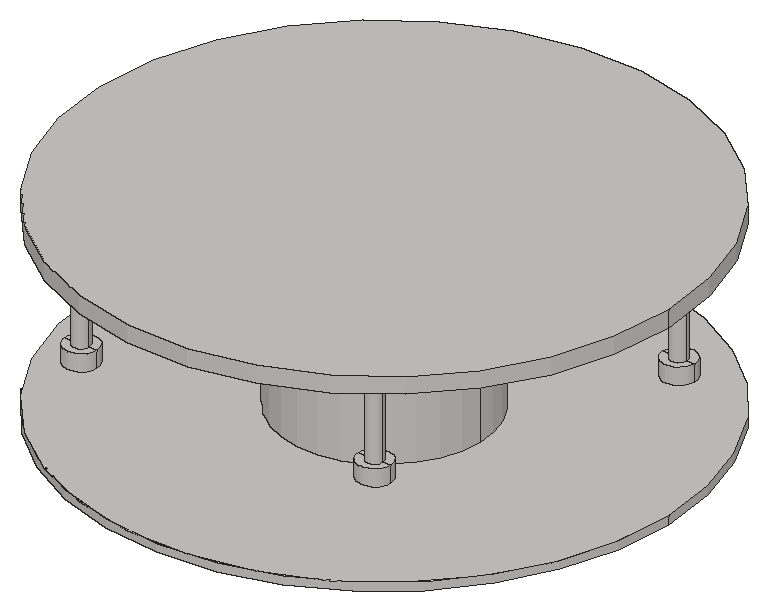
Revit family
Parameters (values of type "Bollard Base")
  Width = 1' - 5 3/4"  # constant formula
  URL = "http://www.pna-inc.com"
  Type Comments = ""
  Stud Length [instance] = if(Slab Depth < 0' 6", 0' 2", if(Slab Depth > 0' 8", 0' 4", 0' 3"))  # 0' - 3"
  Slab Depth [instance] = 0' - 6"
  Product Page URL = "http://www.pna-inc.com/products/bollard_base/"
  Product Documentation Link = "http://www.pna-inc.com/products/bollard_base/PNA%20Bollard%20Base.pdf"
  Model = "Bollard Base"
  Material = Metal - PNA - Steel
  Manufacturer = "PNA Construction Technologies Inc. "
  Length = Width  # 1' - 5 3/4"
  Description = "Bollard Base\r\nOver the past seventeen years PNA employees have seen many attempts by Engineers, Owners and Contractors to develop joint details that will stand up to the constant abuse of fork truck traffic. These details have worked with varying success but almost all have been both difficult and expensive to install. A number of the most qualified flooring contractors have developed their own systems for installing steel bars or plates into joints but they too, are expensive, requiring trained site operatives with welding and grinding equipment. Click here to view the article, “Innovations for Durable Floors,” which highlights some of the Armor-Edge® advantages from the concrete flooring contractor’s site operative’s perspective.\r\n"
  Assembly Code = "B1010300"
Reference planes (in)
  plane 1 "Center (Front/Back)": y = 0
  plane 2 "Foundation Top Face": z = 0
  plane 3 "Center (Left/Right)": x = 0
  plane 4: z = -0.5
  plane 5: z = -6
  plane 6: z = -5.75
  plane 7: y = 8.875
  plane 8: y = -8.875
  plane 9: x = -8.875
  plane 10: x = 8.875
  plane 11: x = 3
  plane 12: x = -3
  plane 13: y = 3
  plane 14: y = -3
  plane 15: y = 7.625
  plane 16: y = 2.47269
  plane 17: y = -6.09679
  plane 18: x = -7.21293
  plane 19: x = 7.21293
  plane 20: x = 4.57927
  plane 21: x = -4.57927
Forms (in)
  Extrusion 1, solid, material "Metal - PNA - Steel" <- "Material", detail levels medium+fine
    sketch origin (0, 0, 0) x (1, 0, 0) y (0, 1, 0)
      loop
        circle (0, 0) r 8.875
    from -0.5 to 0
  Extrusion 2, solid, material "Metal - PNA - Steel" <- "Material", detail levels medium+fine
    sketch origin (0, 0, 0) x (1, 0, 0) y (0, 1, 0)
      loop
        circle (0, 0) r 8.875
    from -6 to -5.75
  Extrusion 3, solid, material "Metal - PNA - Steel" <- "Material", detail levels medium+fine
    sketch origin (0, 0, 0) x (1, 0, 0) y (0, 1, 0)
      loop
        circle (0, 0) r 3
    from -5.75 to -0.5
  Extrusion 4, solid, detail levels coarse
    sketch origin (0, 0, 0) x (1, 0, 0) y (0, 1, 0)
      loop
        circle (0, 0) r 8.875
    from -6 to 0
Cuts and joins
  joined: Extrusion 1, Extrusion 2, Extrusion 3
Lines and regions (in)
  Masking region 1, detail levels medium+fine
    outline origin (0, 0, 0) x (1, 0, 0) y (0, 0, 1)
      loop
        line (-8.875, 0) -> (-8.875, -0.5) -> (-3, -0.5) -> (-3, -5.75) -> (-8.875, -5.75) -> (-8.875, -6) -> (8.875, -6) -> (8.875, -5.75) -> (3, -5.75) -> (3, -0.5) -> (8.875, -0.5) -> (8.875, 0) -> (-8.875, 0)
  Masking region 2, detail levels medium+fine
    outline origin (0, 0, 0) x (0, 1, 0) y (0, 0, 1)
      loop
        line (8.875, 0) -> (-8.875, 0) -> (-8.875, -0.5) -> (-3, -0.5) -> (-3, -5.75) -> (-8.875, -5.75) -> (-8.875, -6) -> (8.875, -6) -> (8.875, -5.75) -> (3, -5.75) -> (3, -0.5) -> (8.875, -0.5) -> (8.875, 0)
  Masking region 3
    outline origin (0, 0, 0) x (1, 0, 0) y (0, 1, 0)
      loop
        circle (0, 0) r 8.875
  Masking region 4, detail levels coarse
    outline origin (0, 0, 0) x (1, 0, 0) y (0, 0, 1)
      loop
        line (-8.875, 0) -> (-8.875, -6) -> (8.875, -6) -> (8.875, 0) -> (-8.875, 0)
  Masking region 5, detail levels coarse
    outline origin (0, 0, 0) x (0, 1, 0) y (0, 0, 1)
      loop
        line (8.875, 0) -> (-8.875, 0) -> (-8.875, -6) -> (8.875, -6) -> (8.875, 0)
  symbolic lines, detail levels fine
    curve 1: line (-3, 0, -0.5) -> (3, 0, -0.5)
    curve 2: line (-3, 0, -5.75) -> (3, 0, -5.75)
  symbolic lines, detail levels medium+fine
    curve 3: line (0, 3, -0.5) -> (0, -3, -0.5)
    curve 4: line (0, 3, -5.75) -> (0, -3, -5.75)
Dimensions and locks (in)
  "Slab Depth": plane 5 to level
  locked: plane 2 "Foundation Top Face" to plane 4 at 0.5
  locked: plane 6 to plane 5 at 0.25
  equal spacing: plane 9, plane 3 "Center (Left/Right)", plane 10
  equal spacing: plane 8, plane 1 "Center (Front/Back)", plane 7
  "Width": plane 7 to plane 8
  "Width": plane 9 to plane 10
  equal spacing: plane 12, plane 3 "Center (Left/Right)", plane 11
  locked: plane 12 to plane 11 at 6
  equal spacing: plane 14, plane 1 "Center (Front/Back)", plane 13
  locked: plane 13 to plane 14 at 6
  plane 17 to plane 1 "Center (Front/Back)" to plane 16 to plane 15 = 0' - 6.09679" locked, 0' - 2.47269" locked, 0' - 5.15231" locked
  plane 18 to plane 21 to plane 3 "Center (Left/Right)" to plane 20 to plane 19 = 0' - 2.63366" locked, 0' - 4.57927" locked, 0' - 4.57927" locked, 0' - 2.63366" locked
  aligned and locked: Extrusion 1 to plane 4
  aligned and locked: plane 2 "Foundation Top Face" to Extrusion 1
  aligned and locked: Extrusion 2 to plane 5
  aligned and locked: plane 6 to Extrusion 2
  aligned and locked: plane 10 to Extrusion 1 sketch curve
  aligned and locked: plane 1 "Center (Front/Back)" to Extrusion 1 sketch curve
  aligned and locked: plane 10 to Extrusion 2 sketch curve
  aligned and locked: plane 1 "Center (Front/Back)" to Extrusion 2 sketch curve
  aligned and locked: plane 11 to Extrusion 3 sketch curve
  aligned and locked: plane 1 "Center (Front/Back)" to Extrusion 3 sketch curve
  aligned and locked: plane 4 to Extrusion 3
  aligned and locked: Extrusion 3 to plane 6
  aligned and locked: plane 4 to nested 1
  aligned and locked: plane 3 "Center (Left/Right)" to nested 1
  aligned and locked: plane 15 to nested 1
  aligned and locked: nested 4 to plane 21
  aligned and locked: plane 17 to nested 4
  aligned and locked: plane 17 to nested 5
  aligned and locked: nested 5 to plane 20
  aligned and locked: nested 2 to plane 19
  aligned and locked: plane 16 to nested 2
  aligned and locked: plane 16 to nested 3
  aligned and locked: nested 3 to plane 18
  aligned and locked: plane 4 to nested 3
  aligned and locked: plane 4 to nested 4
  aligned and locked: plane 4 to nested 5
  aligned and locked: plane 4 to nested 2
  aligned and locked: Masking region 1 sketch curve to plane 2 "Foundation Top Face"
  aligned and locked: Masking region 1 sketch curve to plane 9  (x2)
  aligned and locked: Masking region 1 sketch curve to plane 4  (x2)
  aligned and locked: Masking region 1 sketch curve to plane 12
  aligned and locked: Masking region 1 sketch curve to plane 6  (x2)
  aligned and locked: Masking region 1 sketch curve to plane 5
  aligned and locked: plane 10 to Masking region 1 sketch curve  (x2)
  aligned and locked: plane 11 to Masking region 1 sketch curve
  aligned and locked: plane 12 to curve 1
  aligned and locked: plane 12 to curve 2
  aligned and locked: plane 11 to curve 1
  aligned and locked: plane 11 to curve 2
  aligned and locked: curve 1 to plane 4
  aligned and locked: curve 2 to plane 6
  aligned and locked: plane 7 to Masking region 2 sketch curve  (x2)
  aligned and locked: plane 2 "Foundation Top Face" to Masking region 2 sketch curve
  aligned and locked: plane 4 to Masking region 2 sketch curve  (x2)
  aligned and locked: plane 5 to Masking region 2 sketch curve
  aligned and locked: Masking region 2 sketch curve to plane 13
  aligned and locked: plane 14 to Masking region 2 sketch curve
  aligned and locked: Masking region 2 sketch curve to plane 8  (x2)
  aligned and locked: plane 6 to Masking region 2 sketch curve  (x2)
  aligned and locked: curve 3 to plane 4
  aligned and locked: curve 4 to plane 6
  aligned and locked: plane 13 to curve 4
  aligned and locked: plane 14 to curve 4
  aligned and locked: plane 14 to curve 3
  aligned and locked: plane 13 to curve 3
  aligned and locked: Masking region 3 sketch curve to cut or joined group of Extrusion 1, Extrusion 2, Extrusion 3  (x2)
  aligned and locked: plane 10 to Extrusion 4 sketch curve
  aligned and locked: plane 1 "Center (Front/Back)" to Extrusion 4 sketch curve
  aligned and locked: Extrusion 4 to plane 5
  aligned and locked: plane 2 "Foundation Top Face" to Extrusion 4
  aligned and locked: Masking region 4 sketch curve to plane 9
  aligned and locked: Masking region 4 sketch curve to plane 2 "Foundation Top Face"
  aligned and locked: plane 10 to Masking region 4 sketch curve
  aligned and locked: Masking region 4 sketch curve to plane 5
  aligned and locked: plane 7 to Masking region 5 sketch curve
  aligned and locked: plane 2 "Foundation Top Face" to Masking region 5 sketch curve
  aligned and locked: plane 5 to Masking region 5 sketch curve
  aligned and locked: Masking region 5 sketch curve to plane 8
Automatic sketch dimensions
  Extrusion 1 sketch curve to Extrusion 1 sketch curve = 0' - 0"
  Extrusion 1 sketch curve to plane 9 = 0' - 0"
  Extrusion 2 sketch curve to Extrusion 2 sketch curve = 0' - 0"
  Extrusion 2 sketch curve to plane 9 = 0' - 0"
  Extrusion 3 sketch curve to Extrusion 3 sketch curve = 0' - 0"
  Extrusion 3 sketch curve to plane 12 = 0' - 0"
  Extrusion 4 sketch curve to Extrusion 4 sketch curve = 0' - 0"
  Extrusion 4 sketch curve to plane 9 = 0' - 0"
Nested families (in)
  nested 1: "Bollard Stud" at (0, 7.625, -0.5), Stud Length <- "Stud Length", type "Bollard Stud"
    with Stud Length 0' - 3"
  nested 2: "Bollard Stud" at (7.21293, 2.47269, -0.5), Stud Length <- "Stud Length", type "Bollard Stud"
    with Stud Length 0' - 3"
  nested 3: "Bollard Stud" at (-7.21293, 2.47269, -0.5), Stud Length <- "Stud Length", type "Bollard Stud"
    with Stud Length 0' - 3"
  nested 4: "Bollard Stud" at (-4.57927, -6.09679, -0.5), Stud Length <- "Stud Length", type "Bollard Stud"
    with Stud Length 0' - 3"
  nested 5: "Bollard Stud" at (4.57927, -6.09679, -0.5), Stud Length <- "Stud Length", type "Bollard Stud"
    with Stud Length 0' - 3"
Definition of nested family "Bollard Stud"
  Parameters (values of type "Bollard Stud")
    Stud Material = none
    Stud Length [instance] = 0' - 4"
  Reference planes (in)
    plane 1 "Center (Front/Back)": y = 0
    plane 2: z = 0
    plane 3 "Center (Left/Right)": x = 0
    plane 4: x = 0.5
    plane 5: x = 0.25
    plane 6: z = -4
    plane 7: z = -3.5
    plane 8: x = -0.5
    plane 9: x = -0.25
    plane 10: y = 0.5
    plane 11: y = 0.25
    plane 12: y = -0.5
    plane 13: y = -0.25
  Forms (in)
    Revolve 1, solid, material <- "Stud Material", detail levels medium+fine
      sketch origin (0, 0, 0) x (1, 0, 0) y (0, 0, 1)
        loop
          line (0, 0) -> (0, -4) -> (0.5, -4) -> (0.5, -3.5) -> (0.25, -3.5) -> (0.25, 0) -> (0, 0)
        axis (0, 0) -> (0, -4)
      angle from 0 to 360
  Lines and regions (in)
    Masking region 1, detail levels medium+fine
      outline origin (0, 0, 0) x (1, 0, 0) y (0, 0, 1)
        loop
          line (0.25, 0) -> (-0.25, 0) -> (-0.25, -3.5) -> (-0.5, -3.5) -> (-0.5, -4) -> (0.5, -4) -> (0.5, -3.5) -> (0.25, -3.5) -> (0.25, 0)
    Masking region 2, detail levels medium+fine
      outline origin (0, 0, 0) x (0, 1, 0) y (0, 0, 1)
        loop
          line (0.5, -3.5) -> (0.25, -3.5) -> (0.25, 0) -> (-0.25, 0) -> (-0.25, -3.5) -> (-0.5, -3.5) -> (-0.5, -4) -> (0.5, -4) -> (0.5, -3.5)
    symbolic lines, detail levels fine
      curve 1: line (0, 0.25, -3.5) -> (0, -0.25, -3.5)
      curve 2: line (-0.25, 0, -3.5) -> (0.25, 0, -3.5)
  Dimensions and locks (in)
    plane 7 to plane 6 = 0' - 0 1/2"
    "Stud Length": plane 2 to plane 6
    equal spacing: plane 8, plane 3 "Center (Left/Right)", plane 4, locked at 0.5 each
    equal spacing: plane 10, plane 1 "Center (Front/Back)", plane 12, locked at 0.5 each
    equal spacing: plane 11, plane 1 "Center (Front/Back)", plane 13, locked at 0.25 each
    equal spacing: plane 9, plane 3 "Center (Left/Right)", plane 5, locked at 0.25 each
    aligned and locked: Revolve 1 sketch curve to plane 3 "Center (Left/Right)"  (x2)
    aligned and locked: Revolve 1 sketch curve to plane 2
    aligned and locked: plane 5 to Revolve 1 sketch curve
    aligned and locked: Revolve 1 sketch curve to plane 7
    aligned and locked: Revolve 1 sketch curve to plane 4
    aligned and locked: Revolve 1 sketch curve to plane 6
    aligned and locked: Masking region 1 sketch curve to Revolve 1  (x2)
    aligned and locked: Revolve 1 to Masking region 1 sketch curve
    aligned and locked: plane 8 to Masking region 1 sketch curve
    aligned and locked: Masking region 1 sketch curve to plane 4
    aligned and locked: Masking region 1 sketch curve to plane 9
    aligned and locked: plane 5 to Masking region 1 sketch curve
    aligned and locked: Masking region 1 sketch curve to plane 7
    aligned and locked: plane 7 to Masking region 2 sketch curve  (x2)
    aligned and locked: Masking region 2 sketch curve to plane 12
    aligned and locked: plane 10 to Masking region 2 sketch curve
    aligned and locked: Masking region 2 sketch curve to Revolve 1  (x2)
    aligned and locked: Masking region 2 sketch curve to plane 11
    aligned and locked: plane 13 to Masking region 2 sketch curve
    aligned and locked: curve 1 to plane 7
    aligned and locked: plane 13 to curve 1
    aligned and locked: plane 11 to curve 1
    aligned and locked: plane 9 to curve 2
    aligned and locked: curve 2 to plane 7
    aligned and locked: plane 5 to curve 2
  Automatic sketch dimensions
    Revolve 1 sketch curve to plane 6 = 1' - 8"
    Revolve 1 sketch curve to Revolve 1 sketch curve = 8' - 6.71882"
